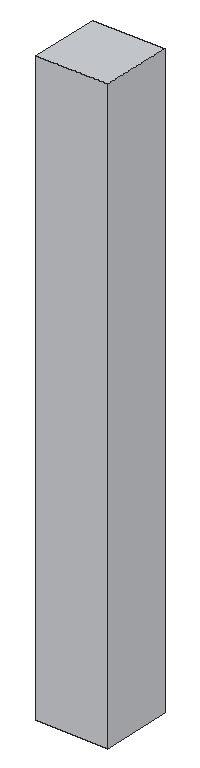
Revit family "混凝土柱-矩形1", category 結構柱, Revit 2014
Parameters (values of type "30x30 2")
  Structural Material [instance] = none
  關鍵註記 = "03300"
  Assembly Code = ""
  柱深 = 300 mm
  柱寬 = 300 mm
Types (4, lengths in mm): name | 柱深 | 柱寬
  30x30 2 | 300 | 300
  40x70 2 | 400 | 700
  40x40 2 | 400 | 400
  75x40 2 | 750 | 400
Reference planes
  plane 1 "中心 (前/後)": y = 0
  plane 2: z = 0
  plane 3 "中心 (左/右)": x = 0
  plane 4: x = -150
  plane 5: x = 150
  plane 6: y = 150
  plane 7: y = -150
Forms (mm)
  Extrusion 1, solid, material <- "Structural Material"
    sketch origin (0, 0, 0) x (1, 0, 0) y (0, 1, 0)
      loop
        line (-150, 150) -> (-150, -150) -> (150, -150) -> (150, 150) -> (-150, 150)
    from 0 to 2500
Lines and regions (mm)
  Split face 1
    outline origin (-150, -150, 2500) x (0, 0, -1) y (1, 0, 0)
      loop
        line (500, 0) -> (500, 300)
  Split face 2
    outline origin (150, -150, 2500) x (0, 0, -1) y (0, 1, 0)
      loop
        line (500, 0) -> (500, 300)
  Split face 3
    outline origin (-150, 150, 2500) x (0, 0, -1) y (0, -1, 0)
      loop
        line (500, 0) -> (500, 300)
  Split face 4
    outline origin (150, 150, 2500) x (0, 0, -1) y (-1, 0, 0)
      loop
        line (500, 0) -> (500, 300)
Dimensions and locks
  equal spacing: plane 4, plane 3 "中心 (左/右)", plane 5
  equal spacing: plane 7, plane 1 "中心 (前/後)", plane 6
  "柱深": plane 7 to plane 6
  "柱寬": plane 4 to plane 5
  aligned and locked: plane 6 to Extrusion 1 sketch curve
  aligned and locked: Extrusion 1 sketch curve to plane 7
  aligned and locked: Extrusion 1 sketch curve to plane 4
  aligned and locked: plane 5 to Extrusion 1 sketch curve
  aligned and locked: level to Extrusion 1
  aligned and locked: level to plane 2
  aligned and locked: Extrusion 1 to plane 2
Automatic sketch dimensions
  Split face 1 sketch curve to Extrusion 1 = 0 mm
  Extrusion 1 to Split face 1 sketch curve = 0 mm
  Split face 1 sketch curve to Extrusion 1 = 500 mm
  Split face 2 sketch curve to Extrusion 1 = 0 mm  (x2)
  Split face 2 sketch curve to Extrusion 1 = 500 mm
  Split face 3 sketch curve to Extrusion 1 = 0 mm  (x2)
  Split face 3 sketch curve to Extrusion 1 = 500 mm
  Extrusion 1 to Split face 4 sketch curve = 0 mm
  Split face 4 sketch curve to Extrusion 1 = 0 mm
  Split face 4 sketch curve to Extrusion 1 = 500 mm
